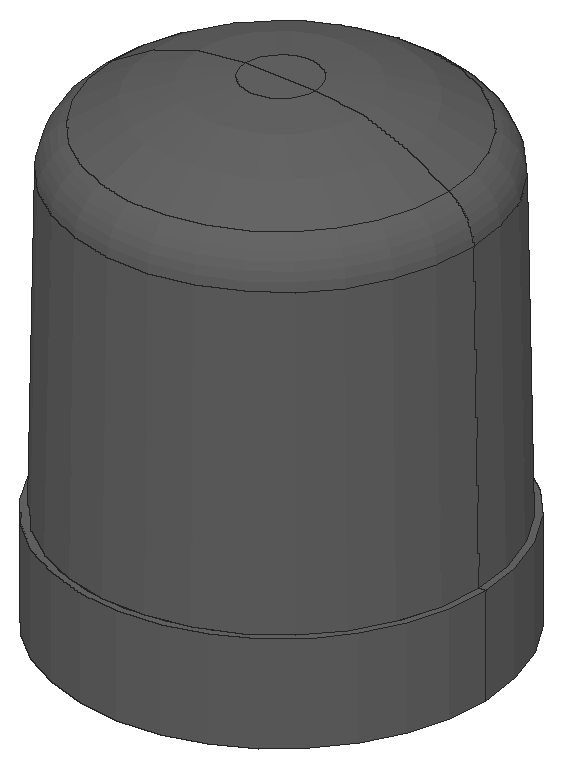
Revit family "NXOFM", category Communication Devices, host Face, Revit 2014
Parameters (values of type "WIR-RME")
  Warranty = "5-Years Warranty"  # constant formula
  Electrical Rating = "Input: 120-480VAC, 16A Max, 50-60Hz\r\nOutput: 5A@120-347V, 3A@480V\r\nSurge Withstand: 2000V\r\nPeak Inrush: 160A for 2 ms Max\r\nStandby Power (W):\r\n120VAC: 1.2\r\n277VAC: 1.5\r\n347VAC: 1.5\r\n480VAC:1.3"
  Type Comments = "wiSCAPE® External Fixture Module"  # constant formula
  Product Page URL = "https://www.hubbell.com/hubbellcontrolsolutions/en/Products/Lighting-Controls/Lighting-Controls-Sensors/wiSCAPE-Lighting-Controls/wiSCAPE-External-Fixture-Module/p/220980"
  Product Features = "On/Off lighting control with 0-10V full-range dimming\r\n• Bidirectional wireless RF Mesh communications\r\n• Compliant with ANSI C136-41 (7 & 5 pin) twist-lock receptacles\r\n• Digital input available for motion sensor, switch or photocell control\r\n• Includes built-in, internal on/off photocell\r\n• Military grade AES-128 communication encryption\r\n• Multi-level grouping and multiple scenarios\r\n• Adjustable minimum and maximum dimming levels\r\n• Programmable power-up state with peak shaving options\r\n• Commercial-grade metering\r\n• Complete integration with wiSCAPE software"  # constant formula
  Product Documentation Link = "https://hubbellcdn.com/specsheet/4510A_wiSCAPE_External_Fixture_Module.pdf"
  URL = "https://www.hubbell.com/hubbellcontrolsolutions/en"
  Model = "NX On-Fixture Module "  # constant formula
  Manufacturer = "Hubbell Control Solutions"  # constant formula
  Description = "Hubbell Control Solutions' wiSCAPE External Fixture Module is a bidirectional\r\nwireless RF device that allows an individual fixture to be managed, monitored\r\nand metered. The universal voltage (110-480VAC) module provides ON/OFF\r\ncontrol and features an adaptable sink & source 0-10V output compatible with\r\nall 2-wire dimming drivers and ballast.\r\nAvailable in either 2.4GHz or 900MHz ISM (Industrial, Scientific and Medical)\r\nradio versions, each wiSCAPE External Fixture Module transmits over the air\r\nusing military grade AES-128 (Advanced Encryption Standard) security. AES is\r\na powerful encryption method used in many data security applications.\r\nThe wiSCAPE External Fixture Module drastically simplifies control and\r\nautomation of projects, especially in retrofit environments. The module\r\nconnects to ANSI C136-41-2013 7-pin or 5-pin twist-lock receptacles. The\r\nwiSCAPE wireless lighting control technology adapts easily to complex\r\nautomation situations for quick, simple and economical commissioning."  # constant formula
  Default Elevation = 48.00"
  Copyright = "Copyright © 2021 Hubbell Control Solutions"  # constant formula
  Contact Us = "https://www.hubbell.com/hubbellcontrolsolutions/en/contactUs"
  Housing Material = Paint - Hubbell - Carbon Black
  Certifications = "UL E485482\r\n2.4GHz Version - FCC: U.S. FCC Part 15.247 Class A: OUR-XBEE / OUR-XBEE PRO, Canada IC: 4214A-XBEE /\r\n4214A-XBEE PRO, Europe CE: ETSI / ETSI\r\n900MHz Version - FCC: U.S. FCC Part 15.247 Class A: MCQ-XB900HP"  # constant formula
  Assembly Code = "D5090"
Reference planes (in)
  plane 1 "Center (Front/Back)": y = 13.01342
  plane 2: z = 0
  plane 3 "Center (Left/Right)": x = 0
  plane 4: x = -1.56406
  plane 5: x = 1.56406
  plane 6: y = 11.36342
  plane 7: y = 14.66342
  plane 8: z = 3.75
Forms (in)
  Revolve 1, solid, material "Paint - Hubbell - Carbon Black" <- "Housing Material"
    sketch origin (0, 13.01342, 0) x (1, 0, 0) y (0, 0, 1)
      loop
        line (0, 0.00805) -> (1.56406, 0.00805) -> (1.56406, 0.75805) -> (1.51079, 0.75805) -> (1.47029, 3.07846)
        arc (1.47029, 3.07846) -> (1.41806, 3.25928) -> (1.2819, 3.38923) r 0.36098
        arc (1.2819, 3.38923) -> (0.80153, 3.63835) -> (0.26833, 3.73059) r 1.76897
        line (0.26833, 3.73059) -> (0, 3.73059) -> (0, 0.00805)
      axis (0, 3.73059) -> (0, 0.00805)
    angle from 0 to 360
Dimensions and locks (in)
  plane 5 to plane 4 = 3.12813"
  equal spacing: plane 5, plane 3 "Center (Left/Right)", plane 4
  aligned and locked: plane 2 to host face
  aligned and locked: level to host face
Automatic sketch dimensions
  host sketch curve to host sketch curve = 96.00"  (x2)
  Revolve 1 sketch curve to plane 3 "Center (Left/Right)" = 0.00"  (x2)
  plane 8 to Revolve 1 sketch curve = 0.01941"
  plane 5 to Revolve 1 sketch curve = 0.00"
  plane 3 "Center (Left/Right)" to Revolve 1 sketch curve = 0.23693"
  plane 3 "Center (Left/Right)" to Revolve 1 sketch curve = 0.26833"
  Revolve 1 sketch curve to plane 5 = 0.4547"
  Revolve 1 sketch curve to plane 5 = 0.09378"
  Revolve 1 sketch curve to plane 5 = 0.05327"
  plane 8 to Revolve 1 sketch curve = 0.67154"
  Revolve 1 sketch curve to Revolve 1 sketch curve = 0.0063"
  Revolve 1 sketch curve to Revolve 1 sketch curve = 1.11027"
  level to Revolve 1 sketch curve = 0.75805"
  level to Revolve 1 sketch curve = 0.00805"
  Revolve 1 sketch curve to level = 24.00"
  Revolve 1 sketch curve to plane 8 = 51.77668"
Connectors (in)
  electrical at (0, 13.01342, 0.00805)
    settings: on Revolve 1, index 1, voltage 0 V, apparent load 0 VA, apparent load phase1 0 VA, apparent load phase2 0 VA, apparent load phase3 0 VA, power factor 1, load classification "Other", number of poles 1, system type 13, power factor state 1, is connector primary yes, connector utility no, sub classification motor no, connector description ""
